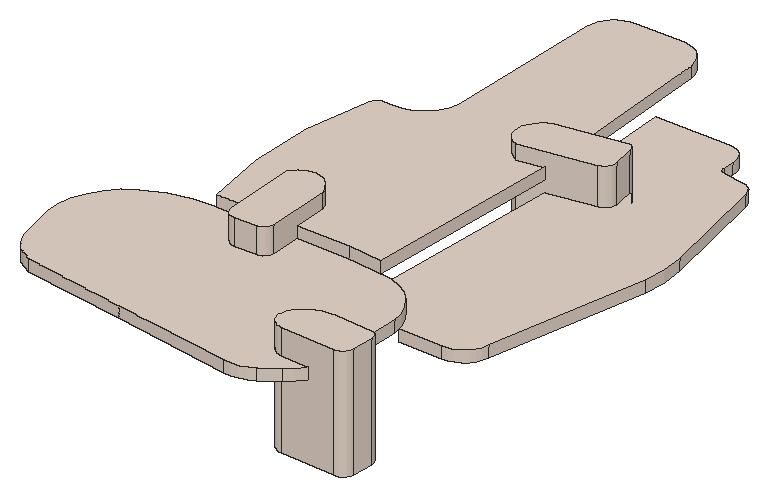
Revit family "MESA DE CENTRO DESLOCADA", category Sistema de mobiliário, Revit 2021
Family settings
  Cota do conector redondo = Utilizar diâmetro
  Tipo de parte = Normal
  Com base no plano de trabalho = Não
  Sempre na vertical = Sim
  Corte com vazios quando carregada = Não
  Compartilhado = Não
  Ponto de cálculo do ambiente = Não
Parameters
  MATERIAL 02 = .LR_MADEIRA
  MATERIAL 01 = .LR_MADEIRA CLARA
  Elevação padrão = 0.0 cm
Reference planes (cm)
  plane 1 "Centro (Frente/Trás)": y = 0
  plane 2: z = 0
  plane 3 "Centro (Esquerda/Direita)": x = 0
Forms (cm)
  Extrusion 1, solid, material ".LR_MADEIRA CLARA" <- "MATERIAL 01"
    sketch origin (56.0714, -187.4295, 0) x (0.906308, -0.422618, 0) y (0.422618, 0.906308, 0)
      loop
        line (-117.3981, 42.5035) -> (-76.7688, 54.9204)
        arc (-76.7688, 54.9204) -> (-72.1459, 57.3521) -> (-68.7362, 61.3091) r 14
        line (-68.7362, 61.3091) -> (-65.1114, 67.5874)
        arc (-65.1114, 67.5874) -> (-63.7108, 70.7312) -> (-62.9928, 74.0971) r 16.5
        line (-62.9928, 74.0971) -> (-71.9091, 70.3886)
        arc (-71.9091, 70.3886) -> (-76.0069, 70.3378) -> (-79.0023, 73.1346) r 5.5
        arc (-79.0023, 73.1346) -> (-79.6196, 77.3827) -> (-77.7798, 81.2613) r 7.4165
        arc (-77.7798, 81.2613) -> (-75.2645, 84.5298) -> (-71.8559, 86.8517) r 13.0683
        line (-71.8559, 86.8517) -> (-67.206, 88.7279) -> (-76.03, 107.6509)
        arc (-76.03, 107.6509) -> (-85.182, 115.6843) -> (-97.2967, 116.9205) r 20
        arc (-97.2967, 116.9205) -> (-105.2376, 114.7669) -> (-112.881, 111.7215) r 72
        line (-112.881, 111.7215) -> (-129.9203, 103.7759) -> (-125.1922, 94.486)
        arc (-125.1922, 94.486) -> (-124.9832, 91.8154) -> (-126.7238, 89.7792) r 3.5
        line (-126.7238, 89.7792) -> (-133.4309, 86.3656)
        arc (-133.4309, 86.3656) -> (-136.4697, 86.1101) -> (-138.8055, 88.0706) r 4
        line (-138.8055, 88.0706) -> (-143.6626, 97.3678) -> (-155.5367, 91.8308)
        arc (-155.5367, 91.8308) -> (-165.787, 85.4223) -> (-174.1783, 76.7203) r 49.5
        arc (-174.1783, 76.7203) -> (-178.5005, 62.6135) -> (-174.3265, 48.4621) r 25.621
        line (-174.3265, 48.4621) -> (-167.6469, 39.5211)
        arc (-167.6469, 39.5211) -> (-161.0714, 33.4427) -> (-152.2598, 31.8493) r 16
        line (-152.2598, 31.8493) -> (-117.3981, 42.5035)
    from 27 to 31
  Extrusion 2, solid, material ".LR_MADEIRA" <- "MATERIAL 02"
    sketch origin (125.1981, 173.8039, 0) x (0.936064, -0.351829, 0) y (0.351829, 0.936064, 0)
      loop
        arc (-64.6181, -162.299) -> (-66.8128, -165.5708) -> (-67.867, -169.3668) r 12.3665
        arc (-67.867, -169.3668) -> (-66.856, -173.8482) -> (-63.2931, -176.7483) r 7.0302
        arc (-63.2931, -176.7483) -> (-61.724, -177.1993) -> (-60.1071, -177.4253) r 11.5891
        line (-60.1071, -177.4253) -> (-37.9338, -164.0073)
        arc (-37.9338, -164.0073) -> (-36.1236, -161.5531) -> (-36.5692, -158.5363) r 4
        line (-36.5692, -158.5363) -> (-40.3968, -152.0566)
        arc (-40.3968, -152.0566) -> (-42.5382, -150.4471) -> (-45.1904, -150.8232) r 3.5
        line (-45.1904, -150.8232) -> (-64.6181, -162.299)
      loop
        arc (-63.8491, -237.8094) -> (-66.7837, -235.1809) -> (-70.3961, -233.6088) r 12.3665
        arc (-70.3961, -233.6088) -> (-74.9746, -233.9866) -> (-78.3421, -237.1114) r 7.0302
        arc (-78.3421, -237.1114) -> (-79.007, -238.6025) -> (-79.4558, -240.1722) r 11.5891
        line (-79.4558, -240.1722) -> (-69.253, -263.9966)
        arc (-69.253, -263.9966) -> (-67.0745, -266.1306) -> (-64.0251, -266.109) r 4
        line (-64.0251, -266.109) -> (-57.0759, -263.2201)
        arc (-57.0759, -263.2201) -> (-55.1841, -261.3235) -> (-55.1876, -258.6447) r 3.5
        line (-55.1876, -258.6447) -> (-63.8491, -237.8094)
      loop
        arc (-2.5943, -270.3491) -> (-6.1711, -272.4026) -> (-8.9298, -275.4685) r 13.0683
        arc (-8.9298, -275.4685) -> (-11.0617, -279.1944) -> (-10.7722, -283.4774) r 7.4165
        arc (-10.7722, -283.4774) -> (-8.0003, -286.4958) -> (-3.9106, -286.7596) r 5.5
        line (-3.9106, -286.7596) -> (14.3906, -280.7485)
        arc (14.3906, -280.7485) -> (16.7063, -278.7643) -> (16.9506, -275.7246) r 4
        line (16.9506, -275.7246) -> (14.6784, -268.55)
        arc (14.6784, -268.55) -> (12.9539, -266.5002) -> (10.285, -266.2701) r 3.5
        line (10.285, -266.2701) -> (-2.5943, -270.3491)
    from 0 to 40
  Extrusion 3, solid, material ".LR_MADEIRA CLARA" <- "MATERIAL 01"
    sketch origin (56.0714, -187.4295, 0) x (0.906308, -0.422618, 0) y (0.422618, 0.906308, 0)
      loop
        arc (-182.1262, 156.6684) -> (-183.8343, 154.8044) -> (-183.724, 152.2786) r 3.3033
        arc (-183.724, 152.2786) -> (-173.3046, 120.3414) -> (-155.5367, 91.8308) r 139.1874
        line (-155.5367, 91.8308) -> (-143.6626, 97.3678) -> (-150.8063, 111.0419)
        arc (-150.8063, 111.0419) -> (-150.4793, 112.6414) -> (-149.9308, 114.1791) r 11.5891
        arc (-149.9308, 114.1791) -> (-146.8129, 117.5531) -> (-142.2769, 118.2811) r 7.0302
        arc (-142.2769, 118.2811) -> (-138.5546, 116.9908) -> (-135.4269, 114.5952) r 12.3665
        line (-135.4269, 114.5952) -> (-129.9203, 103.7759) -> (-112.881, 111.7215)
        arc (-112.881, 111.7215) -> (-107.2283, 114.0703) -> (-101.3965, 115.9304) r 72
        arc (-101.3965, 115.9304) -> (-114.4271, 148.4698) -> (-128.9377, 180.3766) r 763.3269
        line (-128.9377, 180.3766) -> (-136.3294, 175.0885)
        arc (-136.3294, 175.0885) -> (-137.9588, 175.1897) -> (-139.5579, 175.519) r 11.5891
        arc (-139.5579, 175.519) -> (-143.3328, 178.1372) -> (-144.6848, 182.5277) r 7.0302
        arc (-144.6848, 182.5277) -> (-143.9249, 186.3934) -> (-141.9877, 189.824) r 12.3665
        line (-141.9877, 189.824) -> (-135.7707, 194.1725)
        arc (-135.7707, 194.1725) -> (-148.775, 218.664) -> (-162.6603, 242.667) r 763.3269
        arc (-162.6603, 242.667) -> (-168.3077, 247.0685) -> (-175.4502, 246.5663) r 10
        line (-175.4502, 246.5663) -> (-190.9241, 239.3507)
        arc (-190.9241, 239.3507) -> (-195.8133, 234.015) -> (-195.4977, 226.7849) r 9.4556
        line (-195.4977, 226.7849) -> (-172.3572, 177.1601)
        arc (-172.3572, 177.1601) -> (-171.875, 166.1162) -> (-179.3433, 157.9661) r 14.4432
        line (-179.3433, 157.9661) -> (-182.1262, 156.6684)
    from 31 to 35
  Extrusion 4, solid, material ".LR_MADEIRA CLARA" <- "MATERIAL 01"
    sketch origin (56.0714, -187.4295, 0) x (0.906308, -0.422618, 0) y (0.422618, 0.906308, 0)
      loop
        arc (-153.847, 227.3623) -> (-144.629, 210.8609) -> (-135.8224, 194.1364) r 763.3269
        line (-135.8224, 194.1364) -> (-123.4979, 202.7567)
        arc (-123.4979, 202.7567) -> (-120.8823, 203.3352) -> (-118.6238, 201.8948) r 3.5
        line (-118.6238, 201.8948) -> (-114.3103, 195.7278)
        arc (-114.3103, 195.7278) -> (-113.6345, 192.7541) -> (-115.2511, 190.1683) r 4
        line (-115.2511, 190.1683) -> (-128.9377, 180.3766)
        arc (-128.9377, 180.3766) -> (-114.4271, 148.4698) -> (-101.3965, 115.9304) r 763.3269
        arc (-101.3965, 115.9304) -> (-99.3539, 116.4555) -> (-97.2967, 116.9205) r 72
        arc (-97.2967, 116.9205) -> (-86.2275, 116.1053) -> (-77.2975, 109.514) r 20
        line (-77.2975, 109.514) -> (-63.3199, 116.0318)
        arc (-63.3199, 116.0318) -> (-58.4106, 121.0275) -> (-57.983, 128.0186) r 10
        line (-57.983, 128.0186) -> (-71.7913, 183.4005)
        arc (-71.7913, 183.4005) -> (-74.432, 190.7555) -> (-78.4861, 197.4363) r 39
        line (-78.4861, 197.4363) -> (-103.0301, 230.0074)
        arc (-103.0301, 230.0074) -> (-105.5193, 232.0412) -> (-108.7322, 232.1394) r 5
        line (-108.7322, 232.1394) -> (-116.0826, 229.8921)
        arc (-116.0826, 229.8921) -> (-117.7537, 229.9943) -> (-118.9479, 231.1678) r 2.3903
        line (-118.9479, 231.1678) -> (-120.683, 234.8888)
        arc (-120.683, 234.8888) -> (-124.7427, 238.6088) -> (-130.2438, 238.3686) r 7.1944
        line (-130.2438, 238.3686) -> (-153.847, 227.3623)
    from 23 to 27
Dimensions and locks (cm)
  aligned and locked: level to plane 2
